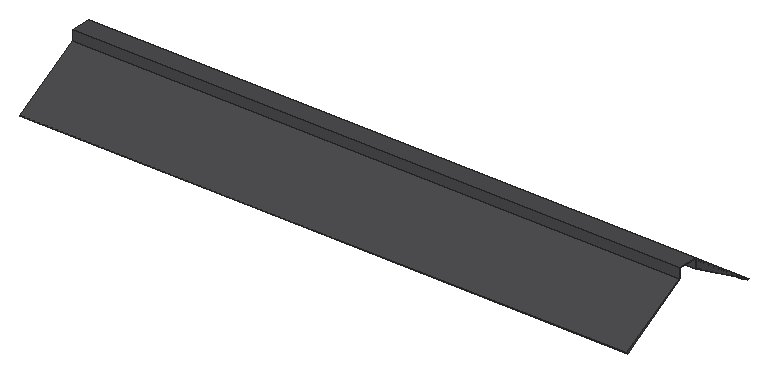
Revit family "BIMLIB_ПланкаКонькаПлоского_GRANDLINE", category Обобщенные модели, Revit 2017
Family settings
  Может служить основой для арматурных стержней = Нет
  Размер круглого соединителя = Использовать диаметр
  Тип детали = Нормальный
  При загрузке вырезать с полостями = Нет
  Общий = Нет
  Точка расчета площади = Нет
Parameters (values of type "Планка конька плоского 150х40х150")
  Угол_Подрезки_Справа [instance] = 45.00°
  Угол_Подрезки_Слева [instance] = 45.00°
  Угол_Подрезки_Скос_Справа [instance] = if(and(Угловая_Подрезка_Справа, not(Vобразная_Подрезка_Справа)), Угол_Подрезки_Справа, 0.00°)  # 0.00°
  Угол_Подрезки_Скос_Слева [instance] = if(and(Угловая_Подрезка_Слева, not(Vобразная_Подрезка_Слева)), Угол_Подрезки_Слева, 0.00°)  # 0.00°
  Угол_Vобразный_Справа [instance] = if(Vобразная_Подрезка_Справа, Угол_Подрезки_Справа, 0.00°)  # 0.00°
  Угол_Vобразный_Слева [instance] = if(Vобразная_Подрезка_Слева, Угол_Подрезки_Слева, 0.00°)  # 0.00°
  Угловая_Подрезка_Справа [instance] = no
  Угловая_Подрезка_Слева [instance] = no
  Смещение [instance] = 0 mm  # constant formula
  Профиль_Ширина [instance] = 300 mm * cos((Профиль_Угол)) + 40 mm  # 299.808 mm
  Профиль_УголПоворота [instance] = 0.00°
  Профиль_Угол [instance] = 30.00°
  Описание = ADSK_Наименование  # "Планка конька плоского 150х40х150"
  Изготовитель = [ADSK_Завод-изготовитель]  # "Grand Line"
  built-in parameter 1001306 [instance] = 1200 mm
  Watermark [instance] = "Модели защищены уникальным кодом"
  Vобразная_Подрезка_Справа [instance] = no
  Vобразная_Подрезка_Слева [instance] = no
  URL = "https://www.grandline.ru"
  BL_Разработано = "support@bimlib.pro"
  BL_Email = "info@grandline.ru"
  BL_BIM library = "https://bimlib.pro/manufacturer/company/22430"
  ADSK_Размер_Длина [instance] = [built-in parameter 1001306]  # 1200 mm
  ADSK_Обозначение = "ГОСТ 19904-90, ГОСТ 14918-80"
  ADSK_Наименование = "Планка конька плоского 150х40х150"
  ADSK_Материал тип подсчета = 1  # constant formula
  ADSK_Материал = GL_Сталь_RAL9005
  ADSK_Масса_Текст [instance] = ""
  ADSK_Масса [instance] = 0
  ADSK_Марка = ""
  ADSK_Количество [instance] = if(ADSK_Материал тип подсчета = 0, 1, if(ADSK_Материал тип подсчета = 1, ADSK_Размер_Длина / 1000 mm, 0))  # 1.2
  ADSK_Код изделия = "М14.086.001"  # constant formula
  ADSK_Завод-изготовитель = "Grand Line"  # constant formula
  ADSK_Единица измерения = "м"  # constant formula
  ADSK_Группирование = "Доборные элементы"  # constant formula
  ADSK_Версия Revit = "2017"  # constant formula
  ADSK_URL страницы изделия = ""
  ADSK_URL документации изделия = ""
Reference planes
  plane 1 "По центру (Вперед/Назад)": y = 0
  plane 2: z = 0
  plane 3 "Слева": x = 0
  plane 4 "Справа": x = 1200
  plane 5: x = 1201
  plane 6: y = -149.904
  plane 7: y = 149.904
  plane 8: x = -1
Forms (mm)
  Sweep 1, solid, material "GL_Сталь_RAL9005" <- "ADSK_Материал"
    path in 3D
      loop
        line (0, 0, 0) -> (1200, 0, 0)
    profile "Профиль_ПланкаКонькаПлоского : Профиль_ПланкаКонькаПлоского" origin (600, 0, 0) x (0, 1, 0) y (0, 0, 1)
      loop
        line (-20, 9.853) -> (-20, -9.685) -> (-149.945, -84.709) -> (-149.145, -86.095) -> (-133.557, -77.095) -> (-133.957, -76.402) -> (-19.2, -10.147) -> (-19.2, 9.053) -> (19.2, 9.053) -> (19.2, -10.147) -> (133.957, -76.402) -> (133.557, -77.095) -> (149.145, -86.095) -> (149.945, -84.709) -> (20, -9.685) -> (20, 9.853) -> (-20, 9.853)
  Extrusion 2, void
    sketch origin (0, 0, 0) x (1, 0, 0) y (0, 1, 0)
      loop
        line (1200, 310) -> (1200, 0) -> (1200, -310) -> (1201, -310) -> (1201, 310) -> (1200, 310)
    from -278.009 to 58.96
  Extrusion 3, void
    sketch origin (0, 0, 0) x (1, 0, 0) y (0, 1, 0)
      loop
        line (1200, -149.904) -> (1201, -149.904) -> (1201, 149.884) -> (1200, 149.884) -> (1200, -149.904)
    from -278.009 to 58.96
  Extrusion 4, void
    sketch origin (1200, 0, 0) x (-1, 0, 0) y (0, -1, 0)
      loop
        line (1200, 149.904) -> (1200, -149.904) -> (1201, -149.904) -> (1201, 149.904) -> (1200, 149.904)
    from -278.009 to 58.96
  Extrusion 5, void
    sketch origin (1200, 0, 0) x (-1, 0, 0) y (0, -1, 0)
      loop
        line (1200, -150) -> (1201, -150) -> (1201, 150) -> (1200, 150) -> (1200, 0) -> (1200, -150)
    from -278.009 to 58.96
Cuts and joins
  Extrusion 2, Extrusion 3, Extrusion 4, Extrusion 5 cuts Sweep 1
Lines and regions (mm)
  reference lines
    curve 1: line (0, 0, 0) -> (1200, 0, 0)
  sketch lines
    curve 2: line (0, 0, 0) -> (1200, 0, 0)
Dimensions and locks
  "built-in parameter 1001306": plane 3 "Слева" to plane 4 "Справа"
  locked: Extrusion 2 sketch curve to curve 1 at 310  (x2)
  locked: plane 4 "Справа" to plane 5 at 1
  equal spacing: plane 7, plane 1 "По центру (Вперед/Назад)", plane 6
  "Профиль_Ширина": plane 7 to plane 6
  locked: plane 8 to plane 3 "Слева" at 1
  locked: Extrusion 5 sketch curve to curve 1 at 150  (x2)
  "Угол_Vобразный_Справа": angle plane 4 "Справа" to Extrusion 2 sketch curve
  "Угол_Vобразный_Справа": angle Extrusion 2 sketch curve to plane 4 "Справа"
  "Угол_Подрезки_Скос_Справа": angle plane 4 "Справа" to Extrusion 3 sketch curve
  "Угол_Подрезки_Скос_Слева": angle Extrusion 4 sketch curve to plane 3 "Слева"
  "Угол_Vобразный_Слева": angle plane 3 "Слева" to Extrusion 5 sketch curve
  "Угол_Vобразный_Слева": angle Extrusion 5 sketch curve to plane 3 "Слева"
  aligned and locked: plane 4 "Справа" to curve 1
  aligned and locked: plane 1 "По центру (Вперед/Назад)" to curve 1
  aligned and locked: plane 3 "Слева" to curve 1
  aligned and locked: level to plane 2
  aligned and locked: Extrusion 2 sketch curve to plane 5
  aligned and locked: plane 1 "По центру (Вперед/Назад)" to Extrusion 2 sketch curve
  aligned and locked: plane 4 "Справа" to Extrusion 2 sketch curve
  aligned and locked: plane 8 to Extrusion 4 sketch curve
  aligned and locked: Extrusion 4 sketch curve to plane 7
  aligned and locked: plane 3 "Слева" to Extrusion 4 sketch curve
  aligned and locked: plane 6 to Extrusion 4 sketch curve
  aligned and locked: Extrusion 5 sketch curve to plane 8
  aligned and locked: plane 1 "По центру (Вперед/Назад)" to Extrusion 5 sketch curve
  aligned and locked: plane 3 "Слева" to Extrusion 5 sketch curve
Automatic sketch dimensions
  Extrusion 3 sketch curve to plane 4 "Справа" = 0 mm
  Extrusion 3 sketch curve to plane 5 = 0 mm
  Extrusion 3 sketch curve to plane 6 = 0 mm
  Extrusion 3 sketch curve to plane 7 = 0.019 mm
